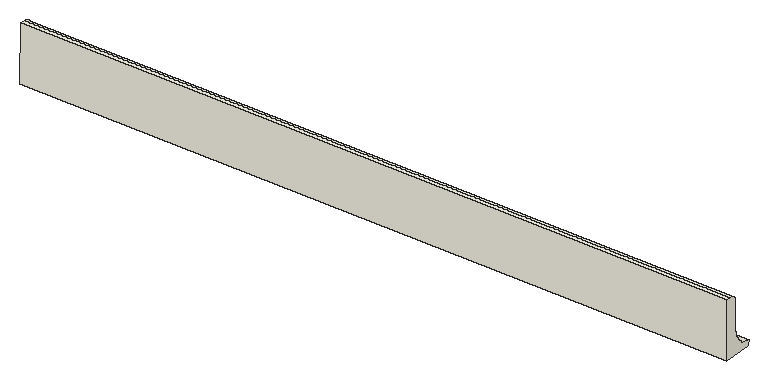
Revit family "Zócalo (Z100-Z500). C-1", category Modelos genéricos, Revit 2020
Family settings
  Puede alojar armadura = No
  Cota de conector redondo = Diámetro de uso
  Tipo de pieza = Normal
  Se basa en plano de trabajo = No
  Siempre vertical = No
  Corte con vacíos al cargar = No
  Compartido = No
  Punto de cálculo de habitación = No
Parameters (values of type "Z100")
  Visibilidad anclajes = if(Altura > 400 mm, 2 = 2, 2 = 3)  # no
  Radio = 30 mm
  Descripción = "Pieza de hormigón polímero con anclaje de acero inoxidable."
  URL = "https://www.ulmaarchitectural.com/es-es"
  Nº filas anclajes [instance] = if(Longitud > 2600 mm, 6, if(Longitud < 660 mm, 2, Longitud / Dist. entre anclajes))  # 3
  Modelo = "Zócalo Z100"
  Material = Hormigón polímero STONEO. Color C-1
  Longitud real [instance] = if(Longitud > 2600 mm, 2600 mm, if(Longitud < 500 mm, 500 mm, Longitud))  # 1300 mm
  Longitud [instance] = 1300 mm
  Fabricante = "ULMA Architectural Solutions"
  Elevación por defecto = 0 mm
  Dist. entre anclajes [instance] = if(Longitud < 650 mm, 340 mm, 440 mm)  # 440 mm
  Dist primer anclaje [instance] = if(Longitud < 700 mm, 80 mm, 150 mm)  # 150 mm
  Código de montaje = "Z100"
  Ancho zócalo = 20 mm
  Altura anclaje 2 = Altura anclaje * 3  # 150 mm
  Altura anclaje = if(Altura < 400 mm, Altura / 2, Altura / 4)  # 50 mm
  Altura = 100 mm
Types (5, lengths in mm): name | Visibilidad anclajes | Radio | Modelo | Código de montaje | Ancho zócalo | Altura anclaje 2 | Altura anclaje | Altura
  (no name) | no | 30 | "Zócalo Z100" | "Z100" | 20 | 150 | 50 | 100
  Z100 | no | 30 | "Zócalo Z100" | "Z100" | 20 | 150 | 50 | 100
  Z175 | no | 30 | "Zócalo Z175" | "Z175" | 22 | 262.5 | 87.5 | 175
  Z325 | no | 40 | "Zócalo Z325" | "Z325" | 25 | 487.5 | 162.5 | 325
  Z500 | yes | 40 | "Zócalo Z500" | "Z500" | 25 | 375 | 125 | 500
Reference planes
  plane 1 "Centro (Frontal/Posterior)": y = 0
  plane 2: z = 0
  plane 3 "Centro (Izquierda/Derecha)": x = 0
  plane 4: x = 150
  plane 5: z = 50
  plane 6: z = 150
Forms (mm)
  Extrusion 1, solid, material "Hormigón polímero STONEO. Color C-1" <- "Material"
    sketch origin (0, 0, 0) x (0, 1, 0) y (0, 0, 1)
      loop
        line (0, 0) -> (50, 2.62) -> (50, 12.62)
        arc (50, 12.62) -> (28.787, 21.407) -> (20, 42.62) r 30
        line (20, 42.62) -> (20, 90)
        arc (20, 90) -> (17.071, 97.071) -> (10, 100) r 10
        line (10, 100) -> (0, 100) -> (0, 0)
    from 0 to 1300
Dimensions and locks
  "Longitud real": Extrusion 1 to Extrusion 1
  "Dist primer anclaje": plane 3 "Centro (Izquierda/Derecha)" to plane 4
  equal spacing: group 1, group 2, group 3  (x3)
  "Dist. entre anclajes": plane 4 to nested 2
  plane 1 "Centro (Frontal/Posterior)" to Extrusion 1 sketch curve = 50 mm
  "Altura": Extrusion 1 sketch curve to level
  "Ancho zócalo": plane 1 "Centro (Frontal/Posterior)" to Extrusion 1 sketch curve
  Extrusion 1 sketch curve to level = 12.62 mm
  "Altura anclaje": plane 5 to level
  equal spacing: group 4, group 5, group 6  (x3)
  "Dist. entre anclajes": nested 5 to plane 4
  "Altura anclaje 2": plane 6 to level
  radius of Extrusion 1 sketch curve = 10 mm
  "Radio": radius of Extrusion 1 sketch curve
  angle level to Extrusion 1 sketch curve = 3.00°
  aligned and locked: level to plane 2
  aligned and locked: Extrusion 1 sketch curve to plane 1 "Centro (Frontal/Posterior)"
  aligned and locked: plane 4 to nested 1
  aligned and locked: plane 5 to nested 1
  aligned and locked: plane 5 to nested 2
  aligned and locked: plane 6 to nested 4
  aligned and locked: plane 4 to nested 4
  aligned and locked: plane 6 to nested 5
Automatic sketch dimensions
  Extrusion 1 sketch curve to level = 0 mm
Nested families
  nested 1: "Anclaje imposta" at (150, 0, 50) x (0, 0, 1) z (0, -1, 0), type "Anclaje inoxidable estándar", detail levels medium+fine
  nested 2: "Anclaje imposta" at (590, 0, 50) x (0, 0, 1) z (0, -1, 0), type "Anclaje inoxidable estándar", detail levels medium+fine
  nested 3: "Anclaje imposta" at (1030, 0, 50) x (0, 0, 1) z (0, -1, 0), type "Anclaje inoxidable estándar", detail levels medium+fine
  nested 4: "Anclaje imposta" at (150, 0, 150) x (0, 0, 1) z (0, -1, 0), visible <- "Visibilidad anclajes", type "Anclaje inoxidable estándar", detail levels medium+fine
  nested 5: "Anclaje imposta" at (590, 0, 150) x (0, 0, 1) z (0, -1, 0), visible <- "Visibilidad anclajes", type "Anclaje inoxidable estándar", detail levels medium+fine
  nested 6: "Anclaje imposta" at (1030, 0, 150) x (0, 0, 1) z (0, -1, 0), visible <- "Visibilidad anclajes", type "Anclaje inoxidable estándar", detail levels medium+fine
Definition of nested family "Anclaje imposta"
  Parameters (values of type "Anclaje inoxidable estándar")
    URL = "https://www.ulmaarchitectural.com/es-es"
    Model = "Sujeción anclaje inoxidable estándar SPE"
    Material = none
    Manufacturer = "ULMA"
    Default Elevation = 0 mm
    Assembly Code = "901250015"
  Types (2, lengths in mm): name | Model
    Anclaje inoxidable estándar | "Sujeción anclaje inoxidable estándar SPE"
    Anclaje imposta | "Sujeción anclaje estándar SPE"
  Reference planes
    plane 1 "Centro (Frontal/Posterior)": y = 0
    plane 2: z = 0
    plane 3 "Centro (Izquierda/Derecha)": x = 0
  Dimensions and locks
    import instance to import instance = 37 mm
    aligned and locked: level to plane 2
    aligned and locked: level to import instance
